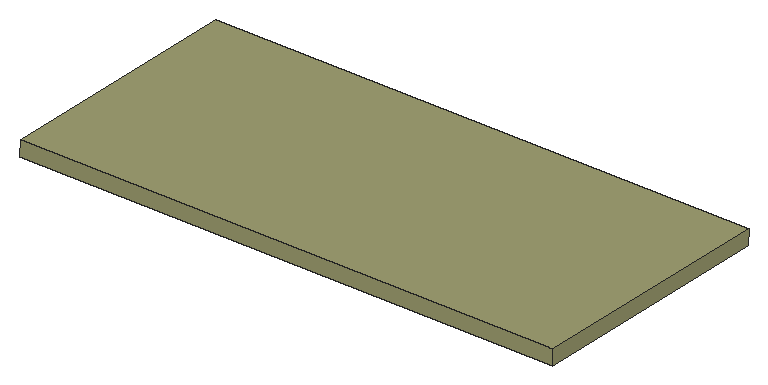
Revit family "Ductguard", category Generic Models, host Face, Revit 2020
Family settings
  Host = Face
  Can host rebar = No
  Round Connector Dimension = Use Diameter
  Part Type = Normal
  Cut with Voids When Loaded = No
  Shared = No
  Room Calculation Point = No
Parameters (values of type "Ductguard EWBL 1.50")
  Width [instance] = 800 mm
  URL = "www.ecowool.com.my"
  Type of Insulation = "Glass Mineral Wool Blanket"
  Thermal R value = 1.5
  Thermal K value = 0.0327
  Remarks = ""
  Material Specification = ""
  Manufacturer = "PGF Insulation Sdn. Bhd."
  Insulation Thickness = 50 mm
  Length(mm) [instance] = 1740 mm
  Finish = Classic Ventiliner
  ECOWOOL Product thickness in mm = ""
  Description = "ECOWOOL Brownie blanket and slabs are resilient, non-combustible, glass mineral wool products, supplied at roofing and walling application for residential and commercial building"
  Density = 32.00 kg/m³
  Default Elevation = 1219.2 mm
Types (3, lengths in mm): name | Thermal R value | Insulation Thickness
  (no name) | 1.5 | 50
  Ductguard EWBL 0.75 | 0.75 | 25
  Ductguard EWBL 1.50 | 1.5 | 50
Reference planes
  plane 1 "Center (Front/Back)": y = 0
  plane 2: z = 0
  plane 3 "Center (Left/Right)": x = 0
  plane 4: x = 1740
  plane 5: y = -400
  plane 6: y = 400
Forms (mm)
  Sweep 1, solid, material "Classic Ventiliner" <- "Finish"
    path origin (0, 0, 0) x (1, 0, 0) y (0, 1, 0)
      loop
        line (0, 0) -> (1740, 0)
    profile origin (870, 0, 0) x (0, 1, 0) y (0, 0, 1)
      loop
        line (-400, 50) -> (-400, 0) -> (400, 0) -> (400, 50) -> (-400, 50)
Lines and regions (mm)
  reference lines
    curve 1: line (0, 0, 0) -> (1740, 0, 0)
Dimensions and locks
  "Width": plane 5 to plane 6
  equal spacing: plane 5, plane 1 "Center (Front/Back)", plane 6
  "Length(mm)": plane 3 "Center (Left/Right)" to plane 4
  "Insulation Thickness": host face to Sweep 1 sketch curve
  aligned and locked: plane 2 to host face
  aligned and locked: level to host face
  aligned and locked: plane 3 "Center (Left/Right)" to curve 1
  aligned and locked: plane 4 to curve 1
  aligned and locked: plane 3 "Center (Left/Right)" to Sweep 1 sketch curve
  aligned and locked: plane 4 to Sweep 1 sketch curve
  aligned and locked: level to Sweep 1 sketch curve
  aligned and locked: plane 6 to Sweep 1 sketch curve
  aligned and locked: Sweep 1 sketch curve to plane 5
Automatic sketch dimensions
  host sketch curve to host sketch curve = 1616.306 mm
  host sketch curve to host sketch curve = 2438.4 mm
  plane 1 "Center (Front/Back)" to curve 1 = 0 mm
  plane 1 "Center (Front/Back)" to Sweep 1 sketch curve = 0 mm
